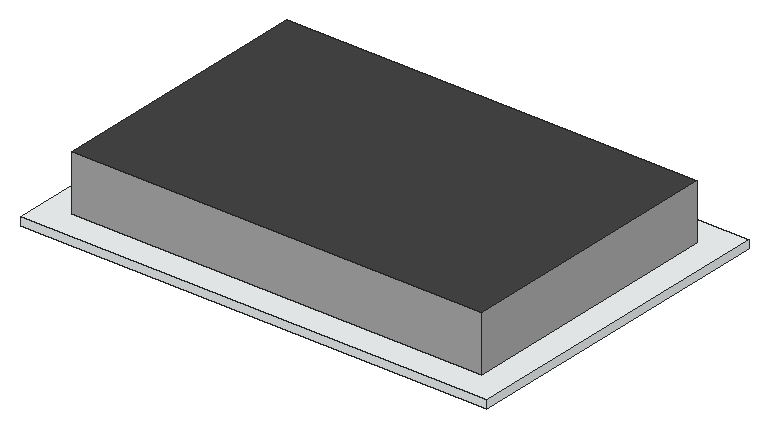
Revit family "1HVAC_Ductwork_Airzone_Supply-Linear-Slat-Grille_RLQV", category Air Terminals, Revit 2016
Family settings
  Part Type = Normal
  Round Connector Dimension = Use Diameter
  OmniClass Number = 23.75.70.21.27.11
  OmniClass Title = Diffusers, Registers, and Grilles
  Work Plane-Based = No
  Always vertical = Yes
  Cut with Voids When Loaded = No
  Shared = No
  Room Calculation Point = Yes
Parameters (values of type "INVALID TYPE - Use Load Family and Type Catalog instead")
  c8 = -0.5949  # constant formula
  c7 = 0.04784  # constant formula
  c6 = 8.344  # constant formula
  c5 = 42.72  # constant formula
  c4 = -58  # constant formula
  c3 = -75.88  # constant formula
  c2 = -1.797  # constant formula
  c1 = 0.000333  # constant formula
  Velocity [instance] = (Q / (36 * Ak)) * 1.0 m/s  # 1.4881 m/s
  URL = "www.airzone.es"
  Type Image Comments = "Image available in product documentation download"  # constant formula
  Type Comments = ""
  Throw Distance [instance] = round((c7 * (Ak ^ c8) * Q) * 1000) * 1 mm  # 3889 mm
  Sound Level in dBA [instance] = round((c3 + (c4 * log(Ak))) + ((c5 + (c6 * log(Ak))) * log(Q)))  # -1
  Revit Model Version = "1.0"  # constant formula
  Q [instance] = if(Duct Width > 1000 mm, (1000 mm / Duct Width) * Flow / 1 m³/h, Flow / 1 m³/h)  # 150
  Product Documentation Download URL = "http://doc.airzone.es/BIM/AirQ/Airzone_RLQ1_RLQ2_RLQV.zip"
  Product Comments = "Refer to technical documentation for further details"  # constant formula
  Product Code = "INVALID – Type not loaded via type catalog"
  Pressure Drop [instance] = ((c1 * (Ak ^ c2)) * (Q ^ 2)) * 1.0 Pa  # 1.17783 Pa
  Model = Product Code  # "INVALID – Type not loaded via type catalog"
  Min Flow = 150 m³/h
  Max Flow = 1500 m³/h
  Manufacturer = "AIRZONE"  # constant formula
  Main Material = Metal - AIRZONE - Extruded Aluminium - White (RAL 9010)
  Long Description = "Extruded aluminum supply grilles to enable the air flow supply. 26-mm standard frame. Horizontal slats fixed at 15º, positioned to a single direction with a second vertical moving deflection."  # constant formula
  Grille Right Offset = if(Open Right End, 0 mm, 10 mm)  # 10 mm
  Grille Material = Metal - AIRZONE - Grille 12.5 mm - White (RAL 9010)
  Grille Left Offset = if(Open Left End, 0 mm, 10 mm)  # 10 mm
  Flow Direction Symbol [instance] = yes
  Flow [instance] = 150 m³/h
  Fixing = "Clip (K), mounting frame required. Screw (T), mounting frame required."  # constant formula
  Finish = "White (RAL 9010)"
  Effective Area = Akn * 100.00 cm²  # 280.00 cm²
  Duct Width = 300 mm
  Duct Height = 200 mm
  Disclaimer = "All information provided in this model is reviewed before being published. However, Airzone cannot guarantee this model is error-free, therefore users are strongly encouraged to check for technical documentation and updates"  # constant formula
  Description = "Grille of linear slats fixed at 15º"  # constant formula
  Damper Length = 39.5 mm
  Compatible Accesories = "Mounting frame. Manual flow regulation. Plenum for grille (PREJ, FR-X2F). Grille deflector"  # constant formula
  Right Cap Offset = if(Open Right End, 0 mm, 16 mm)  # 16 mm
  Open Right End = no
  Left Cap Offset = if(Open Left End, 0 mm, 16 mm)  # 16 mm
  Open Left End = no
  Akn = 2.8
  Ak1000 = 10
  Ak = if(Duct Width > 1000 mm, Ak1000, Akn)  # 2.8
  Accessories Material = Metal - AIRZONE - Extruded Aluminium - Anodized (Matt Silver Color)
Reference planes
  plane 1 "Center (Front/Back)": y = 0
  plane 2: z = 0
  plane 3 "Center (Left/Right)": x = 0
  plane 4 "Left": x = -150
  plane 5 "Right": x = 150
  plane 6 "Front": y = -100
  plane 7 "Back": y = 100
  plane 8 "Right Offset": x = 166
  plane 9 "Left Offset": x = -166
  plane 10 "Fornt Offset": y = -116
  plane 11 "Back Offset": y = 116
Forms (mm)
  Extrusion 1, solid, material "Metal - AIRZONE - Extruded Aluminium - White (RAL 9010)" <- "Main Material", detail levels fine
    sketch origin (0, 0, 0) x (1, 0, 0) y (0, 1, 0)
      loop
        line (-166, 116) -> (-166, -116) -> (166, -116) -> (166, 116) -> (-166, 116)
    from 0 to -5.5
  Extrusion 2, solid, material "Metal - AIRZONE - Extruded Aluminium - Anodized (Matt Silver Color)" <- "Accessories Material"
    sketch origin (0, 0, 0) x (1, 0, 0) y (0, 1, 0)
      loop
        line (-145.7, 95.7) -> (-145.7, -95.7) -> (145.7, -95.7) -> (145.7, 95.7) -> (-145.7, 95.7)
    from 0 to 39.5 <- "Damper Length"
  Extrusion 3, solid, material "Metal - AIRZONE - Extruded Aluminium - White (RAL 9010)" <- "Main Material", detail levels coarse+medium
    sketch origin (0, 0, 0) x (1, 0, 0) y (0, 1, 0)
      loop
        line (-166, 116) -> (-166, -116) -> (166, -116) -> (166, 116) -> (-166, 116)
    from 0 to -5.5
  Extrusion 4, void
    sketch origin (0, 0, 0) x (1, 0, 0) y (0, 1, 0)
      loop
        line (166, 125) -> (166, -125) -> (175, -125) -> (175, 125) -> (166, 125)
    from -6 to 3
  Extrusion 5, void
    sketch origin (0, 0, 0) x (1, 0, 0) y (0, 1, 0)
      loop
        line (-175, 125) -> (-175, -125) -> (-166, -125) -> (-166, 125) -> (-175, 125)
    from -6 to 3
Cuts and joins
  Extrusion 4, Extrusion 5 cuts Extrusion 3
  Extrusion 4, Extrusion 5 cuts Extrusion 1
Lines and regions (mm)
  Split face 1
    outline origin (0, 0, -5.5) x (1, 0, 0) y (0, 1, 0)
      loop
        line (-140, -90) -> (140, -90) -> (140, 90) -> (-140, 90) -> (-140, -90)
  model lines, detail levels medium
    curve 1: line (-140, 90, -5.5) -> (140, 90, -5.5)
    curve 2: line (-140, -90, -5.5) -> (-140, 90, -5.5)
    curve 3: line (140, -90, -5.5) -> (-140, -90, -5.5)
    curve 4: line (140, 90, -5.5) -> (140, -90, -5.5)
  symbolic lines
    curve 5: line (-150, 100, 0) -> (150, 100, 0)
    curve 6: line (-150, -100, 0) -> (-150, 100, 0)
    curve 7: line (150, -100, 0) -> (-150, -100, 0)
    curve 8: line (150, 100, 0) -> (150, -100, 0)
    curve 9: line (-150, -100, 0) -> (150, 100, 0)
    curve 10: line (150, -100, 0) -> (-150, 100, 0)
  model lines, not visible, detail levels coarse
    curve 11: line (-166, 116, -5.5) -> (166, 116, -5.5)
    curve 12: line (-166, -116, -5.5) -> (-166, 116, -5.5)
    curve 13: line (166, -116, -5.5) -> (-166, -116, -5.5)
    curve 14: line (166, 116, -5.5) -> (166, -116, -5.5)
  model lines, detail levels coarse
    curve 15: line (-166, -116, -5.5) -> (166, 116, -5.5)
    curve 16: line (166, -116, -5.5) -> (-166, 116, -5.5)
  symbolic lines, style "Flow Direction Symbol", visible <- "Flow Direction Symbol"
    curve 17: line (0, 90, 0) -> (0, -90, 0)
    curve 18: line (0, -90, 0) -> (-28.284, -61.716, 0)
    curve 19: line (0, -90, 0) -> (28.284, -61.716, 0)
  symbolic lines, style "Flow Direction Symbol", visible <- "Flow Direction Symbol", not visible
    curve 20: line (0, 90, 0) -> (0, -90, 0)
    curve 21: line (0, -90, 0) -> (-28.284, -61.716, 0)
    curve 22: line (0, -90, 0) -> (28.284, -61.716, 0)
Dimensions and locks
  equal spacing: plane 4 "Left", plane 3 "Center (Left/Right)", plane 5 "Right"
  equal spacing: plane 7 "Back", plane 1 "Center (Front/Back)", plane 6 "Front"
  "Duct Width": plane 4 "Left" to plane 5 "Right"
  "Duct Height": plane 7 "Back" to plane 6 "Front"
  locked: Extrusion 1 sketch curve to plane 4 "Left" at 16
  locked: plane 5 "Right" to Extrusion 1 sketch curve at 16
  locked: Extrusion 1 sketch curve to plane 7 "Back" at 16
  locked: plane 6 "Front" to Extrusion 1 sketch curve at 16
  "Grille Left Offset": plane 4 "Left" to Split face 1 sketch curve
  "Grille Right Offset": Split face 1 sketch curve to plane 5 "Right"
  locked: plane 7 "Back" to Split face 1 sketch curve at 10
  locked: Split face 1 sketch curve to plane 6 "Front" at 10
  locked: plane 4 "Left" to Extrusion 2 sketch curve at 4.3
  locked: Extrusion 2 sketch curve to plane 5 "Right" at 4.3
  locked: plane 7 "Back" to Extrusion 2 sketch curve at 4.3
  locked: Extrusion 2 sketch curve to plane 6 "Front" at 4.3
  locked: Extrusion 3 sketch curve to plane 4 "Left" at 16
  locked: plane 5 "Right" to Extrusion 3 sketch curve at 16
  locked: Extrusion 3 sketch curve to plane 7 "Back" at 16
  locked: plane 6 "Front" to Extrusion 3 sketch curve at 16
  "Grille Right Offset": curve 4 to plane 5 "Right"
  "Grille Left Offset": plane 4 "Left" to curve 2
  locked: plane 7 "Back" to curve 1 at 10
  locked: curve 3 to plane 6 "Front" at 10
  "Right Cap Offset": plane 5 "Right" to Extrusion 4 sketch curve
  locked: plane 5 "Right" to Extrusion 4 sketch curve at 25
  locked: Extrusion 4 sketch curve to plane 7 "Back" at 25
  locked: plane 6 "Front" to Extrusion 4 sketch curve at 25
  "Left Cap Offset": Extrusion 5 sketch curve to plane 4 "Left"
  locked: Extrusion 5 sketch curve to plane 4 "Left" at 25
  locked: Extrusion 5 sketch curve to plane 7 "Back" at 25
  locked: plane 6 "Front" to Extrusion 5 sketch curve at 25
  curve 4 to plane 5 "Right" = 10 mm
  plane 4 "Left" to curve 2 = 10 mm
  "Right Cap Offset": plane 5 "Right" to plane 8 "Right Offset"
  "Left Cap Offset": plane 9 "Left Offset" to plane 4 "Left"
  locked: plane 11 "Back Offset" to plane 7 "Back" at 16
  locked: plane 6 "Front" to plane 10 "Fornt Offset" at 16
  aligned and locked: level to plane 2
  aligned and locked: plane 4 "Left" to curve 6
  aligned and locked: curve 5 to plane 7 "Back"
  aligned and locked: curve 8 to plane 5 "Right"
  aligned and locked: plane 6 "Front" to curve 7
  aligned and locked: plane 10 "Fornt Offset" to curve 13
  aligned and locked: plane 11 "Back Offset" to curve 11
  aligned and locked: curve 14 to plane 8 "Right Offset"
  aligned and locked: plane 9 "Left Offset" to curve 12
  aligned and locked: curve 17 to plane 3 "Center (Left/Right)"
Automatic sketch dimensions
  curve 18 to curve 17 = 28.284 mm
  curve 17 to curve 19 = 28.284 mm
  curve 17 to curve 18 = 28.284 mm
  curve 18 to curve 17 = 151.716 mm
  curve 21 to curve 20 = 28.284 mm
  curve 20 to curve 22 = 28.284 mm
  curve 20 to curve 21 = 28.284 mm
  curve 21 to curve 20 = 151.716 mm
Connectors
  hvac at (0, 0, 39.5), driven by "Pressure Drop", driven by "Flow", driven by "Duct Height", driven by "Duct Width"
    settings: on Extrusion 2, index 1, duct flow 150 m³/h, flow factor 0, pres drop 1.17783 Pa, loss coef 0, conn angle 0.00°, conn width 300 mm, conn height 200 mm, conn diameter 609.6 mm, duct sys type 1, conn prof type 1, flow config 1, flow direction 1, loss method 4, conn ref index -1, conn util no, is conn primary yes, conn desc "Supply Air"
